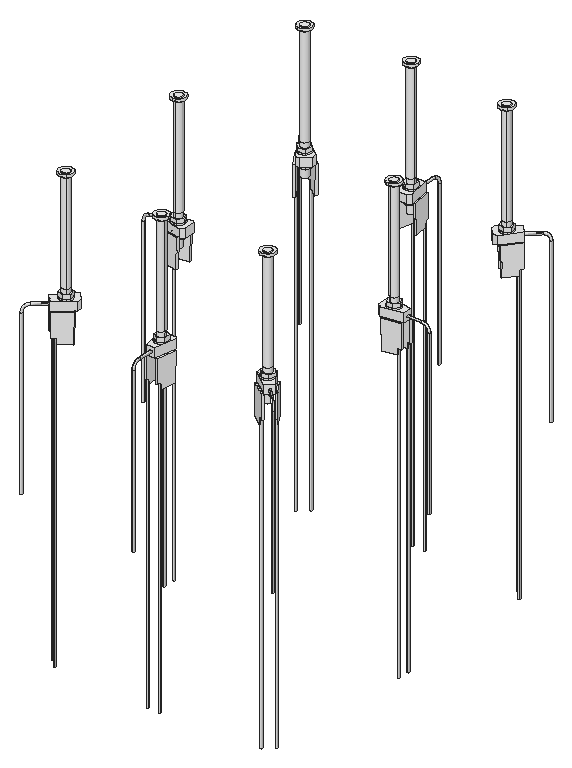
Revit family "911cab620a644c4c96580c4f6d6eb020", category Structural Connections, host Face, Revit 2021
Family settings
  Host = Face
  Material for Model Behavior = Other
  Enable cutting in views = No
  Cut with Voids When Loaded = No
  Shared = Yes
Parameters (values of type "HCC 39-1450H")
  l = 2' - 11.43307"
  h [instance] = 4' - 11.05512"
  f = 0' - 6.49606"
  a = 0' - 1.9685"
  X = 0' - 1.45669"
  Type Comments = "Mountingpart"
  T = 0' - 1.77165"
  Phi = 0' - 2.16535"
  L [instance] = 4' - 11.05512"
  K = 0' - 7.67717"
  E = 0' - 2.3622"
  Default Elevation = 0' - 0"
  b [instance] = 3' - 3.37008"
  D = 0' - 9.64567"
  Column Shoe Type = Column Shoe and Anchor Bolt : HCC 39-1450H
  Column Shoe Material [instance] = Metal - Steel - S235
  C = 0' - 6.1811"
Types (10): name | l | f | a | X | T | Phi | K | D | Column Shoe Type | C
  HCC M52-2290S | 4' - 9.08661" | 0' - 9.44882" | 0' - 2.75591" | 0' - 1.37795" | 0' - 2.75591" | 0' - 2.75591" | 0' - 11.02362" | 1' - 2.40945" | Column Shoe and Anchor Bolt : HCC M52-2290S | 0' - 9.13386"
  HCC M45-2070S | 4' - 9.48031" | 0' - 7.67717" | 0' - 2.55906" | 0' - 1.45669" | 0' - 2.3622" | 0' - 2.55906" | 0' - 9.68504" | 1' - 0.48031" | Column Shoe and Anchor Bolt : HCC M45-2070S | 0' - 8.14961"
  HCC M39-1650S | 3' - 3.37008" | 0' - 7.28346" | 0' - 2.16535" | 0' - 1.45669" | 0' - 2.16535" | 0' - 2.16535" | 0' - 8.22835" | 0' - 10.51181" | Column Shoe and Anchor Bolt : HCC M39-1650S | 0' - 6.77165"
  HCC M36-1650S | 3' - 3.37008" | 0' - 6.49606" | 0' - 2.16535" | 0' - 1.45669" | 0' - 1.9685" | 0' - 2.16535" | 0' - 7.67717" | 0' - 9.64567" | Column Shoe and Anchor Bolt : HCC M36-1650S | 0' - 6.1811"
  HCC M52-2290H | 4' - 9.08661" | 0' - 9.44882" | 0' - 2.75591" | 0' - 1.37795" | 0' - 2.75591" | 0' - 2.75591" | 0' - 11.02362" | 1' - 2.40945" | Column Shoe and Anchor Bolt : HCC M52-2290H | 0' - 9.13386"
  HCC M45-2070H | 4' - 9.48031" | 0' - 7.67717" | 0' - 2.55906" | 0' - 1.45669" | 0' - 2.3622" | 0' - 2.55906" | 0' - 9.68504" | 1' - 0.48031" | Column Shoe and Anchor Bolt : HCC M45-2070H | 0' - 8.14961"
  HCC M39-1650H | 3' - 3.37008" | 0' - 7.28346" | 0' - 2.16535" | 0' - 1.45669" | 0' - 2.16535" | 0' - 2.16535" | 0' - 8.22835" | 0' - 10.51181" | Column Shoe and Anchor Bolt : HCC M39-1650H | 0' - 6.77165"
  HCC M36-1650H | 3' - 3.37008" | 0' - 6.49606" | 0' - 2.16535" | 0' - 1.45669" | 0' - 1.9685" | 0' - 2.16535" | 0' - 7.67717" | 0' - 9.64567" | Column Shoe and Anchor Bolt : HCC M36-1650H | 0' - 6.1811"
  HCC 39-1450S | 2' - 11.43307" | 0' - 6.49606" | 0' - 1.9685" | 0' - 1.45669" | 0' - 1.77165" | 0' - 2.16535" | 0' - 7.67717" | 0' - 9.64567" | Column Shoe and Anchor Bolt : HCC 39-1450S | 0' - 6.1811"
  HCC 39-1450H | 2' - 11.43307" | 0' - 6.49606" | 0' - 1.9685" | 0' - 1.45669" | 0' - 1.77165" | 0' - 2.16535" | 0' - 7.67717" | 0' - 9.64567" | Column Shoe and Anchor Bolt : HCC 39-1450H | 0' - 6.1811"
Reference planes (in)
  plane 1 "Center (Front/Back)": y = 0
  plane 2: z = 0
  plane 3 "Center (Left/Right)": x = 0
  plane 4: x = -19.68504
  plane 5: x = 19.68504
  plane 6: y = 29.52756
  plane 7: y = -29.52756
  plane 8: y = 28.07087
  plane 9: y = -28.07087
  plane 10: x = -18.22835
  plane 11: x = 18.22835
  plane 12: y = 9.84252
  plane 13: y = -9.84252
Lines and regions (in)
  reference lines
    curve 1: line (-19.68504, -29.52756, 0) -> (19.68504, 9.84252, 0)
    curve 2: line (19.68504, -29.52756, 0) -> (-19.68504, 9.84252, 0)
    curve 3: line (-19.68504, 29.52756, 0) -> (19.68504, -9.84252, 0)
    curve 4: line (19.68504, 29.52756, 0) -> (-19.68504, -9.84252, 0)
    curve 5: line (-19.68504, -28.07087, 0) -> (-18.22835, -29.52756, 0)
    curve 6: line (19.68504, -28.07087, 0) -> (18.22835, -29.52756, 0)
    curve 7: line (-19.68504, 28.07087, 0) -> (-18.22835, 29.52756, 0)
    curve 8: line (19.68504, 28.07087, 0) -> (18.22835, 29.52756, 0)
Dimensions and locks (in)
  equal spacing: plane 4, plane 3 "Center (Left/Right)", plane 5
  "b": plane 4 to plane 5
  equal spacing: plane 6, plane 1 "Center (Front/Back)", plane 7
  "h": plane 6 to plane 7
  "X": plane 6 to plane 8
  "X": plane 7 to plane 9
  "X": plane 4 to plane 10
  "X": plane 5 to plane 11
  "b": plane 12 to plane 7
  "b": plane 13 to plane 6
  aligned and locked: plane 2 to host face
  aligned and locked: level to host face
  aligned and locked: plane 3 "Center (Left/Right)" to nested 1
  aligned: plane 6 to nested 1
  aligned and locked: nested 3 to plane 3 "Center (Left/Right)"
  aligned: nested 3 to plane 7
  aligned and locked: plane 1 "Center (Front/Back)" to nested 5
  aligned: plane 5 to nested 5
  aligned and locked: nested 7 to plane 1 "Center (Front/Back)"
  aligned: nested 7 to plane 4
  aligned: nested 9 to plane 4
  aligned: plane 6 to nested 9  (x2)
  aligned: plane 6 to nested 11  (x2)
  aligned: nested 11 to plane 5
  aligned: nested 13 to plane 4
  aligned: plane 7 to nested 13
  aligned: plane 7 to nested 15
  aligned: nested 15 to plane 5
  aligned and locked: curve 1 to plane 12
  aligned and locked: plane 5 to curve 1
  aligned and locked: curve 1 to plane 7
  aligned and locked: curve 1 to plane 4
  aligned and locked: plane 5 to curve 2
  aligned and locked: plane 7 to curve 2
  aligned and locked: plane 12 to curve 2
  aligned and locked: plane 4 to curve 2
  aligned and locked: curve 4 to plane 6
  aligned and locked: curve 4 to plane 5
  aligned and locked: plane 6 to curve 3
  aligned and locked: plane 4 to curve 3
  aligned and locked: curve 4 to plane 13
  aligned and locked: plane 4 to curve 4
  aligned and locked: plane 5 to curve 3
  aligned and locked: plane 13 to curve 3
  aligned and locked: curve 5 to plane 4
  aligned and locked: curve 5 to plane 9
  aligned and locked: curve 5 to plane 7
  aligned and locked: curve 5 to plane 10
  aligned and locked: plane 9 to curve 6
  aligned and locked: plane 7 to curve 6
  aligned and locked: plane 11 to curve 6
  aligned and locked: plane 5 to curve 6
  aligned and locked: plane 4 to curve 7
  aligned and locked: plane 8 to curve 7
  aligned and locked: plane 6 to curve 7
  aligned and locked: plane 10 to curve 7
  aligned and locked: curve 8 to plane 6
  aligned and locked: curve 8 to plane 11
  aligned and locked: curve 8 to plane 8
  aligned and locked: curve 8 to plane 5
  aligned and locked: nested 9 to curve 3
  aligned: nested 9 to curve 7  (x3)
  aligned: nested 11 to curve 8  (x3)
  aligned and locked: nested 11 to curve 4
  aligned and locked: nested 13 to curve 1
  aligned: nested 13 to curve 5  (x3)
  aligned: nested 15 to curve 6  (x3)
  aligned and locked: nested 15 to curve 2
  aligned and locked: nested 13 to curve 5
  aligned and locked: nested 15 to curve 6
  aligned and locked: nested 11 to curve 8
  aligned and locked: nested 9 to curve 7
  aligned and locked: plane 6 to nested 1
  aligned and locked: nested 3 to plane 7
  aligned and locked: nested 7 to plane 4
  aligned and locked: plane 5 to nested 5
Automatic sketch dimensions
  host sketch curve to host sketch curve = 8' - 0"  (x2)
Nested families (in)
  nested 1: "Column Shoe and Anchor Bolt" at (0, 38.97638, 0) x (1, 0, 0) z (0, 0, -1), L <- "L", type <- "Column Shoe Type", type "HCC 39-1450H"
    with L 4' - 11.05512", Column Shoe Material Metal - Steel - S235, Phi 0' - 2.16535", Semi Phi 0' - 1.08268", y2 0' - 4.3707", y1 0' - 0.64029", x3 0' - 1.79539", x2 0' - 3.34066", x1 0' - 2.06007", f 0' - 6.49606", X 0' - 1.45669", l 2' - 11.43307", k1 0' - 7.40967", d 0' - 9.44882", T 0' - 1.77165", Real K 0' - 7.60652", e1 0' - 2.31062", K 0' - 7.67717", E 0' - 2.3622", D 0' - 9.64567", C 0' - 6.1811", B2 0' - 4.72441", B 0' - 5.90551"
  nested 2: "HAB" at (0, 31.83818, -1.77165) x (1, 0, 0) z (0, 0, -1), type "HAB H39"
    with Anchor Bolt Material Metal - Steel - S235, l2 1' - 9.06299", l 2' - 3.55906", f1 0' - 2.75591", f 0' - 6.49606", r3 0' - 0.76772", r1 0' - 0.7874", d3 0' - 1.53543", d1 0' - 1.5748", Washers Radius 0' - 1.29921", T 0' - 1.77165", Phi 0' - 2.16535", Nut Width 0' - 2.2503", Cap Radius 0' - 1.41732"
  nested 3: "Column Shoe and Anchor Bolt" at (0, -38.97638, 0) x (1, 0, 0) z (0, 0, -1), L <- "L", type <- "Column Shoe Type", type "HCC 39-1450H"
    with L 4' - 11.05512", Column Shoe Material Metal - Steel - S235, Phi 0' - 2.16535", Semi Phi 0' - 1.08268", y2 0' - 4.3707", y1 0' - 0.64029", x3 0' - 1.79539", x2 0' - 3.34066", x1 0' - 2.06007", f 0' - 6.49606", X 0' - 1.45669", l 2' - 11.43307", k1 0' - 7.40967", d 0' - 9.44882", T 0' - 1.77165", Real K 0' - 7.60652", e1 0' - 2.31062", K 0' - 7.67717", E 0' - 2.3622", D 0' - 9.64567", C 0' - 6.1811", B2 0' - 4.72441", B 0' - 5.90551"
  nested 4: "HAB" at (0, -31.83818, -1.77165) x (1, 0, 0) z (0, 0, -1), type "HAB H39"
    with Anchor Bolt Material Metal - Steel - S235, l2 1' - 9.06299", l 2' - 3.55906", f1 0' - 2.75591", f 0' - 6.49606", r3 0' - 0.76772", r1 0' - 0.7874", d3 0' - 1.53543", d1 0' - 1.5748", Washers Radius 0' - 1.29921", T 0' - 1.77165", Phi 0' - 2.16535", Nut Width 0' - 2.2503", Cap Radius 0' - 1.41732"
  nested 5: "Column Shoe and Anchor Bolt" at (29.13386, 0, 0) x (0, 1, 0) z (0, 0, -1), L <- "L", type <- "Column Shoe Type", type "HCC 39-1450H"
    with L 4' - 11.05512", Column Shoe Material Metal - Steel - S235, Phi 0' - 2.16535", Semi Phi 0' - 1.08268", y2 0' - 4.3707", y1 0' - 0.64029", x3 0' - 1.79539", x2 0' - 3.34066", x1 0' - 2.06007", f 0' - 6.49606", X 0' - 1.45669", l 2' - 11.43307", k1 0' - 7.40967", d 0' - 9.44882", T 0' - 1.77165", Real K 0' - 7.60652", e1 0' - 2.31062", K 0' - 7.67717", E 0' - 2.3622", D 0' - 9.64567", C 0' - 6.1811", B2 0' - 4.72441", B 0' - 5.90551"
  nested 6: "HAB" at (21.99566, 0, -1.77165) x (0, 1, 0) z (0, 0, -1), type "HAB H39"
    with Anchor Bolt Material Metal - Steel - S235, l2 1' - 9.06299", l 2' - 3.55906", f1 0' - 2.75591", f 0' - 6.49606", r3 0' - 0.76772", r1 0' - 0.7874", d3 0' - 1.53543", d1 0' - 1.5748", Washers Radius 0' - 1.29921", T 0' - 1.77165", Phi 0' - 2.16535", Nut Width 0' - 2.2503", Cap Radius 0' - 1.41732"
  nested 7: "Column Shoe and Anchor Bolt" at (-29.13386, 0, 0) x (0, 1, 0) z (0, 0, -1), L <- "L", type <- "Column Shoe Type", type "HCC 39-1450H"
    with L 4' - 11.05512", Column Shoe Material Metal - Steel - S235, Phi 0' - 2.16535", Semi Phi 0' - 1.08268", y2 0' - 4.3707", y1 0' - 0.64029", x3 0' - 1.79539", x2 0' - 3.34066", x1 0' - 2.06007", f 0' - 6.49606", X 0' - 1.45669", l 2' - 11.43307", k1 0' - 7.40967", d 0' - 9.44882", T 0' - 1.77165", Real K 0' - 7.60652", e1 0' - 2.31062", K 0' - 7.67717", E 0' - 2.3622", D 0' - 9.64567", C 0' - 6.1811", B2 0' - 4.72441", B 0' - 5.90551"
  nested 8: "HAB" at (-21.99566, 0, -1.77165) x (0, 1, 0) z (0, 0, -1), type "HAB H39"
    with Anchor Bolt Material Metal - Steel - S235, l2 1' - 9.06299", l 2' - 3.55906", f1 0' - 2.75591", f 0' - 6.49606", r3 0' - 0.76772", r1 0' - 0.7874", d3 0' - 1.53543", d1 0' - 1.5748", Washers Radius 0' - 1.29921", T 0' - 1.77165", Phi 0' - 2.16535", Nut Width 0' - 2.2503", Cap Radius 0' - 1.41732"
  nested 9: "Column Shoe and Anchor Bolt" at (-25.63802, 35.48054, 0) x (0.7071, 0.7071, 0) z (0, 0, -1), L <- "L", type <- "Column Shoe Type", type "HCC 39-1450H"
    with L 4' - 11.05512", Column Shoe Material Metal - Steel - S235, Phi 0' - 2.16535", Semi Phi 0' - 1.08268", y2 0' - 4.3707", y1 0' - 0.64029", x3 0' - 1.79539", x2 0' - 3.34066", x1 0' - 2.06007", f 0' - 6.49606", X 0' - 1.45669", l 2' - 11.43307", k1 0' - 7.40967", d 0' - 9.44882", T 0' - 1.77165", Real K 0' - 7.60652", e1 0' - 2.31062", K 0' - 7.67717", E 0' - 2.3622", D 0' - 9.64567", C 0' - 6.1811", B2 0' - 4.72441", B 0' - 5.90551"
  nested 10: "HAB" at (-20.59055, 30.43307, -1.77165) x (0.7071, 0.7071, 0) z (0, 0, -1), type "HAB H39"
    with Anchor Bolt Material Metal - Steel - S235, l2 1' - 9.06299", l 2' - 3.55906", f1 0' - 2.75591", f 0' - 6.49606", r3 0' - 0.76772", r1 0' - 0.7874", d3 0' - 1.53543", d1 0' - 1.5748", Washers Radius 0' - 1.29921", T 0' - 1.77165", Phi 0' - 2.16535", Nut Width 0' - 2.2503", Cap Radius 0' - 1.41732"
  nested 11: "Column Shoe and Anchor Bolt" at (25.63802, 35.48054, 0) x (-0.7071, 0.7071, 0) z (0, 0, -1), L <- "L", type <- "Column Shoe Type", type "HCC 39-1450H"
    with L 4' - 11.05512", Column Shoe Material Metal - Steel - S235, Phi 0' - 2.16535", Semi Phi 0' - 1.08268", y2 0' - 4.3707", y1 0' - 0.64029", x3 0' - 1.79539", x2 0' - 3.34066", x1 0' - 2.06007", f 0' - 6.49606", X 0' - 1.45669", l 2' - 11.43307", k1 0' - 7.40967", d 0' - 9.44882", T 0' - 1.77165", Real K 0' - 7.60652", e1 0' - 2.31062", K 0' - 7.67717", E 0' - 2.3622", D 0' - 9.64567", C 0' - 6.1811", B2 0' - 4.72441", B 0' - 5.90551"
  nested 12: "HAB" at (20.59055, 30.43307, -1.77165) x (-0.7071, 0.7071, 0) z (0, 0, -1), type "HAB H39"
    with Anchor Bolt Material Metal - Steel - S235, l2 1' - 9.06299", l 2' - 3.55906", f1 0' - 2.75591", f 0' - 6.49606", r3 0' - 0.76772", r1 0' - 0.7874", d3 0' - 1.53543", d1 0' - 1.5748", Washers Radius 0' - 1.29921", T 0' - 1.77165", Phi 0' - 2.16535", Nut Width 0' - 2.2503", Cap Radius 0' - 1.41732"
  nested 13: "Column Shoe and Anchor Bolt" at (-25.63802, -35.48054, 0) x (0.7071, -0.7071, 0) z (0, 0, -1), L <- "L", type <- "Column Shoe Type", type "HCC 39-1450H"
    with L 4' - 11.05512", Column Shoe Material Metal - Steel - S235, Phi 0' - 2.16535", Semi Phi 0' - 1.08268", y2 0' - 4.3707", y1 0' - 0.64029", x3 0' - 1.79539", x2 0' - 3.34066", x1 0' - 2.06007", f 0' - 6.49606", X 0' - 1.45669", l 2' - 11.43307", k1 0' - 7.40967", d 0' - 9.44882", T 0' - 1.77165", Real K 0' - 7.60652", e1 0' - 2.31062", K 0' - 7.67717", E 0' - 2.3622", D 0' - 9.64567", C 0' - 6.1811", B2 0' - 4.72441", B 0' - 5.90551"
  nested 14: "HAB" at (-20.59055, -30.43307, -1.77165) x (0.7071, -0.7071, 0) z (0, 0, -1), type "HAB H39"
    with Anchor Bolt Material Metal - Steel - S235, l2 1' - 9.06299", l 2' - 3.55906", f1 0' - 2.75591", f 0' - 6.49606", r3 0' - 0.76772", r1 0' - 0.7874", d3 0' - 1.53543", d1 0' - 1.5748", Washers Radius 0' - 1.29921", T 0' - 1.77165", Phi 0' - 2.16535", Nut Width 0' - 2.2503", Cap Radius 0' - 1.41732"
  nested 15: "Column Shoe and Anchor Bolt" at (25.63802, -35.48054, 0) x (-0.7071, -0.7071, 0) z (0, 0, -1), L <- "L", type <- "Column Shoe Type", type "HCC 39-1450H"
    with L 4' - 11.05512", Column Shoe Material Metal - Steel - S235, Phi 0' - 2.16535", Semi Phi 0' - 1.08268", y2 0' - 4.3707", y1 0' - 0.64029", x3 0' - 1.79539", x2 0' - 3.34066", x1 0' - 2.06007", f 0' - 6.49606", X 0' - 1.45669", l 2' - 11.43307", k1 0' - 7.40967", d 0' - 9.44882", T 0' - 1.77165", Real K 0' - 7.60652", e1 0' - 2.31062", K 0' - 7.67717", E 0' - 2.3622", D 0' - 9.64567", C 0' - 6.1811", B2 0' - 4.72441", B 0' - 5.90551"
  nested 16: "HAB" at (20.59055, -30.43307, -1.77165) x (-0.7071, -0.7071, 0) z (0, 0, -1), type "HAB H39"
    with Anchor Bolt Material Metal - Steel - S235, l2 1' - 9.06299", l 2' - 3.55906", f1 0' - 2.75591", f 0' - 6.49606", r3 0' - 0.76772", r1 0' - 0.7874", d3 0' - 1.53543", d1 0' - 1.5748", Washers Radius 0' - 1.29921", T 0' - 1.77165", Phi 0' - 2.16535", Nut Width 0' - 2.2503", Cap Radius 0' - 1.41732"
Definition of nested family "Column Shoe and Anchor Bolt"
  Parameters
    Type Comments = "Mountingpart"
    Phi = 0' - 1.06299"
    Semi Phi = 0.5 * Phi  # 0' - 0.5315"
    y2 = C * sin(45.00°)  # 0' - 2.44982"
    y1 = (E - X) * sin(45.00°)  # 0' - 0.55678"
    x3 = E * (2 * sin(45.00°) - C / d)  # 0' - 1.46153"
    x2 = 2 * E * sin(45.00°)  # 0' - 2.78388"
    x1 = 2 * X * sin(45.00°)  # 0' - 1.67033"
    t1 = 0' - 0.3937"
    f = 0' - 4.13386"
    a = 0' - 1.9685"
    X = 0' - 1.1811"
    l = 0' - 11.81102"
    k1 = d * sin(45.00°) + 0.5 * X  # 0' - 4.23744"
    d = D - R1  # 0' - 5.15748"
    T = 0' - 0.59055"
    O3 = 0' - 0.59055"
    O4 = 0' - 0.7874"
    O2 = 0' - 0.19685"
    O1 = 0' - 0.3937"
    L [instance] = 4' - 11.05512"
    Real K = R1 + k1  # 0' - 4.43429"
    e1 = (2 * E - X) * sin(45.00°)  # 0' - 1.94872"
    K = 0' - 4.40945"
    E = 0' - 1.9685"
    Default Elevation = 0' - 0"
    Semi dbr = 7 * R2  # 0' - 1.37795"
    D = 0' - 5.35433"
    Column Shoe Material [instance] = none
    C = 0' - 3.46457"
    R2 = 0' - 0.19685"
    R1 = 0' - 0.19685"
    Bolt Type = HAB : HAB H16
    B2 = B - 0' 1.1811"  # 0' - 2.16535"
    B = 0' - 3.34646"
  Reference planes (in)
    plane 1 "Center (Front/Back)": y = 0
    plane 2: z = 0
    plane 3 "Center (Left/Right)": x = 0
    plane 4: z = 0.59055
    plane 5: z = 0.29528
    plane 6: z = 11.81102
    plane 7: z = 3.93701
    plane 8: z = 2.75591
    plane 9: y = 5.15748
    plane 10: x = -1.39194
    plane 11: x = 1.39194
    plane 12: y = 4.6007
    plane 13: y = 2.15088
    plane 14: x = -0.83517
    plane 15: x = 0.83517
    plane 16: x = -0.73077
    plane 17: x = 0.73077
    plane 18: y = 3.20876
    plane 19: y = 2.93829
    plane 20: z = 62.99213
  Forms (in)
    Extrusion 1, solid
      sketch origin (0, 0, 0) x (1, 0, 0) y (0, 1, 0)
        loop
          line (-48, 48) -> (-48, -48) -> (48, -48) -> (48, 48) -> (-48, 48)
      from 0 to -12
    Sweep 2, solid, material <- "Column Shoe Material"
      path in 3D
        loop
          line (0, 0, 11.81102) -> (0, 0, 1.67323)
          arc (0, 0, 1.67323) -> (0, 0.40359, 0.69887) -> (0, 1.37795, 0.29528) r 1.37795
          line (0, 1.37795, 0.29528) -> (0, 2.81506, 0.29528)
      profile origin (0, 0.40359, 0.69887) x (0, 0.707107, 0.707107) y (1, 0, 0)
        loop
          circle (0, 0) r 0.19685
    Extrusion 3, void
      sketch origin (-0.03635, 4.65317, 0) x (1, 0, 0) y (0, 1, 0)
        loop
          circle (0.03635, -1.44441) r 0.5315
      from 0 to 3.93701
    Blend 4, solid, material <- "Column Shoe Material"
      base sketch origin (-0.18342, 0.17505, 0) x (-1, 0, 0) y (0, -1, 0)
        loop
          line (-1.47277, -4.04555) -> (-0.96547, -2.16589) -> (-1.34557, -2.0633) -> (-1.85287, -3.94297) -> (-1.47277, -4.04555)
      top sketch origin (-0.18342, 0.17505, 0) x (-1, 0, 0) y (0, -1, 0)
        loop
          line (-1.42148, -3.8555) -> (-0.96547, -2.16589) -> (-1.34557, -2.0633) -> (-1.80158, -3.75292) -> (-1.42148, -3.8555)
      from 0.59055 to 3.93701
    Extrusion 5, solid, material <- "Column Shoe Material"
      sketch origin (1.96539, -0.28862, 0) x (1, 0, 0) y (0, 1, 0)
        loop
          circle (-3.11256, 3.22691) r 0.19685
        loop
          circle (-0.81822, 3.22691) r 0.19685
      from 2.75591 to 62.99213
    Extrusion 6, void
      sketch origin (0, -1.92772, 0) x (0, -1, 0) y (0, 0, 1)
        loop
          line (-4.07861, 3.93701) -> (-4.86601, 3.93701) -> (-4.86601, 2.75591) -> (-4.07861, 2.75591) -> (-4.07861, 3.93701)
      from -1.39194 to 1.39194
    Extrusion 7, solid, material <- "Column Shoe Material"
      sketch origin (0, 0, 0) x (1, 0, 0) y (0, 1, 0)
        loop
          line (0.83517, 5.15748) -> (-0.83517, 5.15748) -> (-1.39194, 4.6007) -> (-0.73077, 2.15088) -> (0.73077, 2.15088) -> (1.39194, 4.6007) -> (0.83517, 5.15748)
        loop
          circle (0, 3.20876) r 0.5315
      from 0 to 0.59055
    Blend 8, solid, material <- "Column Shoe Material"
      base sketch origin (0.18342, 0.17505, 0) x (1, 0, 0) y (0, 1, 0)
        loop
          line (-1.47277, 4.04555) -> (-1.85287, 3.94297) -> (-1.34557, 2.0633) -> (-0.96547, 2.16589) -> (-1.47277, 4.04555)
      top sketch origin (0.18342, 0.17505, 0) x (1, 0, 0) y (0, 1, 0)
        loop
          line (-1.42148, 3.8555) -> (-1.80158, 3.75292) -> (-1.34557, 2.0633) -> (-0.96547, 2.16589) -> (-1.42148, 3.8555)
      from 0.59055 to 3.93701
  Cuts and joins
    Extrusion 3, Extrusion 6 cuts Sweep 2
    joined: Sweep 2, Extrusion 7
    Extrusion 6 cuts Blend 4
    Extrusion 6 cuts Blend 8
  Lines and regions (in)
    reference lines
      curve 1: line (0, 3.24836, 0.29528) -> (0, 1.37795, 0.29528)
      curve 2: line (0, 0, 1.67323) -> (0, 0, 11.81102)
      curve 3: arc (0, 0, 1.67323) -> (0, 0.40359, 0.69887) -> (0, 1.37795, 0.29528) r 1.37795
      curve 7: line (0.73077, 2.15088, 0) -> (1.39194, 4.6007, 0)
      curve 8: line (-0.73077, 2.15088, 0) -> (-1.39194, 4.6007, 0)
    sketch lines
      curve 4: arc (0, 0, 1.67323) -> (0, 0.40359, 0.69887) -> (0, 1.37795, 0.29528) r 1.37795
      curve 5: line (0, 2.81506, 0.29528) -> (0, 1.37795, 0.29528)
      curve 6: line (0, 0, 1.67323) -> (0, 0, 11.81102)
  Dimensions and locks (in)
    "T": plane 4 to level
    "l": plane 6 to plane 2
    equal spacing: plane 4, plane 5, plane 2
    "B": plane 7 to plane 4
    "B2": plane 4 to plane 8
    equal spacing: plane 16, plane 3 "Center (Left/Right)", plane 17
    equal spacing: plane 14, plane 3 "Center (Left/Right)", plane 15
    equal spacing: plane 10, plane 3 "Center (Left/Right)", plane 11
    "x2": plane 10 to plane 11
    "x1": plane 14 to plane 15
    "x3": plane 16 to plane 17
    "y1": plane 9 to plane 12
    "y2": plane 12 to plane 13
    "d": plane 9 to plane 1 "Center (Front/Back)"
    "e1": plane 9 to plane 18
    "t1": Blend 4 sketch curve to Blend 4 sketch curve  (x2)
    "O2": Extrusion 7 to Blend 4 sketch curve
    "O1": Blend 4 sketch curve to curve 7
    "O2": curve 7 to Blend 4 sketch curve
    "O4": plane 13 to plane 19
    equal spacing: cut or joined group of Blend 4, Extrusion 6, Extrusion 5 sketch curve, Extrusion 7
    "O3": Blend 4 sketch curve to curve 7
    "t1": Blend 8 sketch curve to Blend 8 sketch curve  (x2)
    "O1": curve 8 to Blend 8 sketch curve
    "O2": Blend 8 sketch curve to curve 8  (x2)
    "O3": curve 8 to Blend 8 sketch curve
    equal spacing: Blend 8, Extrusion 5 sketch curve, Blend 8
    "L": plane 20 to plane 7
    "Semi dbr": radius of curve 3
    "R1": radius of Sweep 2 sketch curve
    "R2": radius of Extrusion 5 sketch curve  (x2)
    "Semi Phi": radius of Extrusion 7 sketch curve
    locked: Extrusion 7 to Blend 4 sketch curve (angle 90.00°)
    aligned and locked: plane 2 to Extrusion 1
    aligned and locked: level to Extrusion 1
    aligned and locked: curve 1 to plane 5
    aligned and locked: plane 1 "Center (Front/Back)" to curve 2
    aligned and locked: plane 6 to curve 2
    aligned and locked: Extrusion 3 to Extrusion 1
    aligned and locked: Blend 4 to plane 4
    aligned and locked: plane 8 to Extrusion 5
    aligned and locked: Extrusion 6 sketch curve to Blend 4
    aligned and locked: Extrusion 3 sketch curve to Extrusion 7
    aligned and locked: plane 4 to Extrusion 7
    aligned and locked: Extrusion 7 sketch curve to plane 9
    aligned and locked: plane 3 "Center (Left/Right)" to Extrusion 7 sketch curve
    aligned and locked: plane 12 to Extrusion 7 sketch curve  (x2)
    aligned and locked: plane 18 to Extrusion 7 sketch curve
    aligned and locked: plane 15 to Extrusion 7 sketch curve
    aligned and locked: plane 9 to Extrusion 7 sketch curve
    aligned and locked: plane 13 to Extrusion 7 sketch curve
    aligned and locked: plane 17 to Extrusion 7 sketch curve
    aligned and locked: plane 14 to Extrusion 7 sketch curve
    aligned and locked: plane 10 to Extrusion 7 sketch curve
    aligned and locked: plane 16 to Extrusion 7 sketch curve
    aligned and locked: plane 12 to curve 7
    aligned and locked: plane 11 to curve 7
    aligned and locked: plane 17 to curve 7
    aligned and locked: plane 13 to curve 7
    aligned and locked: plane 12 to curve 8
    aligned and locked: plane 10 to curve 8
    aligned and locked: plane 16 to curve 8
    aligned and locked: plane 13 to curve 8
    aligned and locked: Blend 4 sketch curve to curve 7
    aligned and locked: var sketch to Blend 4 sketch curve
    aligned and locked: plane 19 to Extrusion 5 sketch curve  (x2)
    aligned and locked: var sketch to Blend 8 sketch curve
    aligned and locked: Extrusion 7 to Blend 8 sketch curve
    aligned and locked: Extrusion 6 to plane 19
    aligned and locked: Extrusion 6 to Extrusion 7
    aligned and locked: plane 7 to Extrusion 3
    aligned and locked: plane 7 to Blend 4
    aligned and locked: plane 7 to Blend 8
    aligned and locked: Blend 8 to plane 4
    aligned and locked: plane 20 to Extrusion 5
    aligned and locked: Extrusion 6 to plane 11
    aligned and locked: Extrusion 6 to plane 10
    aligned and locked: plane 3 "Center (Left/Right)" to nested 1
    aligned and locked: nested 1 to plane 18
  Automatic sketch dimensions
    Extrusion 1 sketch curve to Extrusion 1 sketch curve = 8' - 0"  (x2)
    plane 18 to curve 1 = 0' - 0.03959"
    Sweep 2 sketch curve to profile plane = 0' - 0"  (x2)
    plane 8 to Extrusion 6 sketch curve = 0' - 0"
    Extrusion 6 sketch curve to plane 13 = 0' - 0.7874"
    Extrusion 6 sketch curve to plane 1 "Center (Front/Back)" = 0' - 2.15088"
    Extrusion 7 sketch curve to plane 11 = 0' - 0"
  Nested families (in)
    nested 1: "HAB" at (0, 3.20876, 0.59055), type <- "Bolt Type", type "HAB H16"
      with Anchor Bolt Material none, l2 0' - 6.88976", l 0' - 11.02362", f1 0' - 1.5748", f 0' - 4.13386", r3 0' - 0.31496", r1 0' - 0.31496", d3 0' - 0.62992", d1 0' - 0.62992", Washers Radius 0' - 0.6378", T 0' - 0.59055", Phi 0' - 1.06299", Nut Width 0' - 1.10469", Cap Radius 0' - 0.56693"
  Definition of nested family "HAB"
    Parameters
      l2 = 0' - 9.25197"
      l = 1' - 1.77953"
      f1 = f - a - T  # 0' - 1.77165"
      f = 0' - 4.52756"
      r3 = 0.5 * d3  # 0' - 0.3937"
      r1 = 0.5 * d1  # 0' - 0.3937"
      d3 = 0' - 0.7874"
      d1 = 0' - 0.7874"
      a = 0' - 1.9685"
      Washers Thickness = 0' - 0.19685"
      Washers Radius = 0.5 * Phi * 1.2  # 0' - 0.70866"
      Type Comments = "Mountingpart"
      T = 0' - 0.7874"
      Phi = 0' - 1.1811"
      Nut Width = 2 * Washers Radius * cos(30.00°)  # 0' - 1.22744"
      Nut Thickness = 0' - 0.7874"
      Cap = yes
      Anchor Bolt Material [instance] = none
      Default Elevation = 0' - 0"
      Cap Thickness = Nut Thickness  # 0' - 0.7874"
      Cap Radius = d1 * 0.9  # 0' - 0.70866"
    Reference planes (in)
      plane 1 "Center (Front/Back)": y = 0
      plane 2: z = 0
      plane 3 "Center (Left/Right)": x = 0
      plane 4: z = 0.19685
      plane 5: z = -0.7874
      plane 6: z = -0.98425
      plane 7: z = 0.98425
      plane 8: z = -1.77165
      plane 9: y = 0.35433
      plane 10: y = -0.35433
      plane 11: y = 0.70866
      plane 12: y = -0.70866
      plane 13: z = 1.77165
      plane 14: z = -12.00787
      plane 15: z = -11.22047
      plane 16: z = -2.75591
      plane 17: z = -11.61417
      plane 18: x = -0.61372
      plane 19: x = 0.61372
    Forms (in)
      Extrusion 1, solid
        sketch origin (0, 0, 0) x (1, 0, 0) y (0, 1, 0)
          loop
            line (-48, 48) -> (-48, -48) -> (48, -48) -> (48, 48) -> (-48, 48)
        from 0 to -6.78513
      Extrusion 2, solid, material <- "Anchor Bolt Material"
        sketch origin (0, 0, 0) x (1, 0, 0) y (0, 1, 0)
          loop
            circle (0, 0) r 0.3937
        from -2.75591 to 1.77165
      Extrusion 3, solid, material <- "Anchor Bolt Material"
        sketch origin (0, 0, 0) x (1, 0, 0) y (0, 1, 0)
          loop
            circle (0, 0) r 0.70866
        from 0 to 0.19685
      Extrusion 4, solid, material <- "Anchor Bolt Material"
        sketch origin (0, 0, -14.37008) x (1, 0, 0) y (0, 1, 0)
          loop
            circle (0, 0) r 0.70866
        from 13.38583 to 13.58268
      Extrusion 5, solid, material <- "Anchor Bolt Material"
        sketch origin (0, 0, 0) x (1, 0, 0) y (0, 1, 0)
          loop
            line (0, 0.70866) -> (-0.61372, 0.35433) -> (-0.61372, -0.35433) -> (0, -0.70866) -> (0.61372, -0.35433) -> (0.61372, 0.35433) -> (0, 0.70866)
        from 0.19685 to 0.98425
      Extrusion 6, solid, material <- "Anchor Bolt Material"
        sketch origin (0, 0, -15.74803) x (1, 0, 0) y (0, 1, 0)
          loop
            line (-0.61372, 0.35433) -> (-0.61372, -0.35433) -> (0, -0.70866) -> (0.61372, -0.35433) -> (0.61372, 0.35433) -> (0, 0.70866) -> (-0.61372, 0.35433)
        from 13.97638 to 14.76378
      Extrusion 7, solid, material <- "Anchor Bolt Material"
        sketch origin (0, 0, -2.96548) x (1, 0, 0) y (0, 1, 0)
          loop
            circle (0, 0) r 0.3937
        from -9.04239 to 0.20957
      Blend 8, solid, material <- "Anchor Bolt Material", visible <- "Cap"
        base sketch origin (-1.67336, -180, -11.22047) x (-1, 0, 0) y (0, -1, 0)
          loop
            circle (-1.67336, -180) r 0.3937
        top sketch origin (-1.67336, -180, -11.22047) x (-1, 0, 0) y (0, -1, 0)
          loop
            circle (-1.67336, -180) r 0.70866
        from 0 to -0.3937
      Extrusion 9, solid, material <- "Anchor Bolt Material", visible <- "Cap"
        sketch origin (-1.41732, -180, -12.00787) x (-1, 0, 0) y (0, -1, 0)
          loop
            circle (-1.41732, -180) r 0.70866
        from 0 to 0.3937
    Cuts and joins
      joined: Extrusion 2, Extrusion 3, Extrusion 4, Extrusion 5, Extrusion 6, Extrusion 7
      joined: Blend 8, Extrusion 9
    Dimensions and locks (in)
      "T": plane 2 to plane 5
      "Washers Thickness": plane 5 to plane 6
      "Washers Thickness": plane 4 to level
      "Nut Thickness": plane 7 to plane 4
      "Nut Thickness": plane 6 to plane 8
      "Washers Radius": plane 1 "Center (Front/Back)" to plane 11
      "Washers Radius": plane 12 to plane 1 "Center (Front/Back)"
      equal spacing: plane 9, plane 1 "Center (Front/Back)", plane 10
      "Washers Radius": plane 9 to plane 10
      "l": plane 13 to plane 14
      "Cap Thickness": plane 15 to plane 14
      "l2": plane 16 to plane 14
      "f1": plane 13 to plane 2
      equal spacing: plane 15, plane 17, plane 14
      equal spacing: plane 18, plane 3 "Center (Left/Right)", plane 19
      "Nut Width": plane 18 to plane 19
      "r3": radius of Extrusion 2 sketch curve
      "Washers Radius": radius of Extrusion 3 sketch curve
      "Washers Radius": radius of Extrusion 4 sketch curve
      "r1": radius of Extrusion 7 sketch curve
      "r1": radius of Blend 8 sketch curve
      "Cap Radius": radius of Blend 8 sketch curve
      "Cap Radius": radius of Extrusion 9 sketch curve
      aligned and locked: plane 2 to Extrusion 1
      aligned and locked: level to Extrusion 1
      aligned and locked: plane 1 "Center (Front/Back)" to Extrusion 2 sketch curve
      aligned and locked: plane 3 "Center (Left/Right)" to Extrusion 2 sketch curve
      aligned and locked: plane 1 "Center (Front/Back)" to Extrusion 3 sketch curve
      aligned and locked: plane 3 "Center (Left/Right)" to Extrusion 3 sketch curve
      aligned and locked: plane 4 to Extrusion 3
      aligned and locked: Extrusion 3 to level
      aligned and locked: plane 5 to Extrusion 4
      aligned and locked: Extrusion 4 to plane 6
      aligned and locked: plane 1 "Center (Front/Back)" to Extrusion 4 sketch curve
      aligned and locked: plane 3 "Center (Left/Right)" to Extrusion 4 sketch curve
      aligned and locked: plane 7 to Extrusion 5
      aligned and locked: Extrusion 5 to plane 4
      aligned and locked: plane 11 to Extrusion 5 sketch curve
      aligned and locked: plane 3 "Center (Left/Right)" to Extrusion 5 sketch curve  (x2)
      aligned and locked: plane 12 to Extrusion 5 sketch curve
      aligned and locked: plane 10 to Extrusion 5 sketch curve  (x2)
      aligned and locked: plane 6 to Extrusion 6
      aligned and locked: Extrusion 6 to plane 8
      aligned and locked: plane 13 to Extrusion 2
      aligned: Extrusion 2 to plane 14
      aligned and locked: plane 10 to Extrusion 6 sketch curve  (x2)
      aligned and locked: Extrusion 2 to plane 16
      aligned: Extrusion 7 to plane 15
      aligned and locked: plane 1 "Center (Front/Back)" to Blend 8 sketch curve  (x2)
      aligned and locked: plane 3 "Center (Left/Right)" to Blend 8 sketch curve  (x2)
      aligned and locked: Blend 8 to plane 17
      aligned and locked: plane 15 to Blend 8
      aligned and locked: plane 1 "Center (Front/Back)" to Extrusion 9 sketch curve
      aligned and locked: plane 3 "Center (Left/Right)" to Extrusion 9 sketch curve
      aligned and locked: plane 17 to Extrusion 9
      aligned and locked: plane 18 to Extrusion 5 sketch curve
      aligned and locked: Extrusion 5 sketch curve to plane 19
      aligned and locked: plane 9 to Extrusion 5 sketch curve  (x2)
      aligned and locked: plane 19 to Extrusion 6 sketch curve
      aligned and locked: plane 18 to Extrusion 6 sketch curve
      aligned and locked: plane 9 to Extrusion 6 sketch curve  (x2)
      aligned and locked: plane 11 to Extrusion 6 sketch curve
      aligned and locked: plane 3 "Center (Left/Right)" to Extrusion 6 sketch curve  (x2)
      aligned and locked: plane 12 to Extrusion 6 sketch curve
      aligned and locked: Extrusion 7 to plane 14
      aligned and locked: plane 16 to Extrusion 7
    Automatic sketch dimensions
      Extrusion 1 sketch curve to Extrusion 1 sketch curve = 8' - 0"  (x2)
      plane 1 "Center (Front/Back)" to Extrusion 7 sketch curve = 0' - 0"
      Extrusion 7 sketch curve to plane 3 "Center (Left/Right)" = 0' - 0"
Definition of nested family "HAB"
  Parameters
    l2 = 0' - 9.25197"
    l = 1' - 1.77953"
    f1 = f - a - T  # 0' - 1.77165"
    f = 0' - 4.52756"
    r3 = 0.5 * d3  # 0' - 0.3937"
    r1 = 0.5 * d1  # 0' - 0.3937"
    d3 = 0' - 0.7874"
    d1 = 0' - 0.7874"
    a = 0' - 1.9685"
    Washers Thickness = 0' - 0.19685"
    Washers Radius = 0.5 * Phi * 1.2  # 0' - 0.70866"
    Type Comments = "Mountingpart"
    T = 0' - 0.7874"
    Phi = 0' - 1.1811"
    Nut Width = 2 * Washers Radius * cos(30.00°)  # 0' - 1.22744"
    Nut Thickness = 0' - 0.7874"
    Cap = yes
    Anchor Bolt Material [instance] = none
    Default Elevation = 0' - 0"
    Cap Thickness = Nut Thickness  # 0' - 0.7874"
    Cap Radius = d1 * 0.9  # 0' - 0.70866"
  Reference planes (in)
    plane 1 "Center (Front/Back)": y = 0
    plane 2: z = 0
    plane 3 "Center (Left/Right)": x = 0
    plane 4: z = 0.19685
    plane 5: z = -0.7874
    plane 6: z = -0.98425
    plane 7: z = 0.98425
    plane 8: z = -1.77165
    plane 9: y = 0.35433
    plane 10: y = -0.35433
    plane 11: y = 0.70866
    plane 12: y = -0.70866
    plane 13: z = 1.77165
    plane 14: z = -12.00787
    plane 15: z = -11.22047
    plane 16: z = -2.75591
    plane 17: z = -11.61417
    plane 18: x = -0.61372
    plane 19: x = 0.61372
  Forms (in)
    Extrusion 1, solid
      sketch origin (0, 0, 0) x (1, 0, 0) y (0, 1, 0)
        loop
          line (-48, 48) -> (-48, -48) -> (48, -48) -> (48, 48) -> (-48, 48)
      from 0 to -6.78513
    Extrusion 2, solid, material <- "Anchor Bolt Material"
      sketch origin (0, 0, 0) x (1, 0, 0) y (0, 1, 0)
        loop
          circle (0, 0) r 0.3937
      from -2.75591 to 1.77165
    Extrusion 3, solid, material <- "Anchor Bolt Material"
      sketch origin (0, 0, 0) x (1, 0, 0) y (0, 1, 0)
        loop
          circle (0, 0) r 0.70866
      from 0 to 0.19685
    Extrusion 4, solid, material <- "Anchor Bolt Material"
      sketch origin (0, 0, -14.37008) x (1, 0, 0) y (0, 1, 0)
        loop
          circle (0, 0) r 0.70866
      from 13.38583 to 13.58268
    Extrusion 5, solid, material <- "Anchor Bolt Material"
      sketch origin (0, 0, 0) x (1, 0, 0) y (0, 1, 0)
        loop
          line (0, 0.70866) -> (-0.61372, 0.35433) -> (-0.61372, -0.35433) -> (0, -0.70866) -> (0.61372, -0.35433) -> (0.61372, 0.35433) -> (0, 0.70866)
      from 0.19685 to 0.98425
    Extrusion 6, solid, material <- "Anchor Bolt Material"
      sketch origin (0, 0, -15.74803) x (1, 0, 0) y (0, 1, 0)
        loop
          line (-0.61372, 0.35433) -> (-0.61372, -0.35433) -> (0, -0.70866) -> (0.61372, -0.35433) -> (0.61372, 0.35433) -> (0, 0.70866) -> (-0.61372, 0.35433)
      from 13.97638 to 14.76378
    Extrusion 7, solid, material <- "Anchor Bolt Material"
      sketch origin (0, 0, -2.96548) x (1, 0, 0) y (0, 1, 0)
        loop
          circle (0, 0) r 0.3937
      from -9.04239 to 0.20957
    Blend 8, solid, material <- "Anchor Bolt Material", visible <- "Cap"
      base sketch origin (-1.67336, -180, -11.22047) x (-1, 0, 0) y (0, -1, 0)
        loop
          circle (-1.67336, -180) r 0.3937
      top sketch origin (-1.67336, -180, -11.22047) x (-1, 0, 0) y (0, -1, 0)
        loop
          circle (-1.67336, -180) r 0.70866
      from 0 to -0.3937
    Extrusion 9, solid, material <- "Anchor Bolt Material", visible <- "Cap"
      sketch origin (-1.41732, -180, -12.00787) x (-1, 0, 0) y (0, -1, 0)
        loop
          circle (-1.41732, -180) r 0.70866
      from 0 to 0.3937
  Cuts and joins
    joined: Extrusion 2, Extrusion 3, Extrusion 4, Extrusion 5, Extrusion 6, Extrusion 7
    joined: Blend 8, Extrusion 9
  Dimensions and locks (in)
    "T": plane 2 to plane 5
    "Washers Thickness": plane 5 to plane 6
    "Washers Thickness": plane 4 to level
    "Nut Thickness": plane 7 to plane 4
    "Nut Thickness": plane 6 to plane 8
    "Washers Radius": plane 1 "Center (Front/Back)" to plane 11
    "Washers Radius": plane 12 to plane 1 "Center (Front/Back)"
    equal spacing: plane 9, plane 1 "Center (Front/Back)", plane 10
    "Washers Radius": plane 9 to plane 10
    "l": plane 13 to plane 14
    "Cap Thickness": plane 15 to plane 14
    "l2": plane 16 to plane 14
    "f1": plane 13 to plane 2
    equal spacing: plane 15, plane 17, plane 14
    equal spacing: plane 18, plane 3 "Center (Left/Right)", plane 19
    "Nut Width": plane 18 to plane 19
    "r3": radius of Extrusion 2 sketch curve
    "Washers Radius": radius of Extrusion 3 sketch curve
    "Washers Radius": radius of Extrusion 4 sketch curve
    "r1": radius of Extrusion 7 sketch curve
    "r1": radius of Blend 8 sketch curve
    "Cap Radius": radius of Blend 8 sketch curve
    "Cap Radius": radius of Extrusion 9 sketch curve
    aligned and locked: plane 2 to Extrusion 1
    aligned and locked: level to Extrusion 1
    aligned and locked: plane 1 "Center (Front/Back)" to Extrusion 2 sketch curve
    aligned and locked: plane 3 "Center (Left/Right)" to Extrusion 2 sketch curve
    aligned and locked: plane 1 "Center (Front/Back)" to Extrusion 3 sketch curve
    aligned and locked: plane 3 "Center (Left/Right)" to Extrusion 3 sketch curve
    aligned and locked: plane 4 to Extrusion 3
    aligned and locked: Extrusion 3 to level
    aligned and locked: plane 5 to Extrusion 4
    aligned and locked: Extrusion 4 to plane 6
    aligned and locked: plane 1 "Center (Front/Back)" to Extrusion 4 sketch curve
    aligned and locked: plane 3 "Center (Left/Right)" to Extrusion 4 sketch curve
    aligned and locked: plane 7 to Extrusion 5
    aligned and locked: Extrusion 5 to plane 4
    aligned and locked: plane 11 to Extrusion 5 sketch curve
    aligned and locked: plane 3 "Center (Left/Right)" to Extrusion 5 sketch curve  (x2)
    aligned and locked: plane 12 to Extrusion 5 sketch curve
    aligned and locked: plane 10 to Extrusion 5 sketch curve  (x2)
    aligned and locked: plane 6 to Extrusion 6
    aligned and locked: Extrusion 6 to plane 8
    aligned and locked: plane 13 to Extrusion 2
    aligned: Extrusion 2 to plane 14
    aligned and locked: plane 10 to Extrusion 6 sketch curve  (x2)
    aligned and locked: Extrusion 2 to plane 16
    aligned: Extrusion 7 to plane 15
    aligned and locked: plane 1 "Center (Front/Back)" to Blend 8 sketch curve  (x2)
    aligned and locked: plane 3 "Center (Left/Right)" to Blend 8 sketch curve  (x2)
    aligned and locked: Blend 8 to plane 17
    aligned and locked: plane 15 to Blend 8
    aligned and locked: plane 1 "Center (Front/Back)" to Extrusion 9 sketch curve
    aligned and locked: plane 3 "Center (Left/Right)" to Extrusion 9 sketch curve
    aligned and locked: plane 17 to Extrusion 9
    aligned and locked: plane 18 to Extrusion 5 sketch curve
    aligned and locked: Extrusion 5 sketch curve to plane 19
    aligned and locked: plane 9 to Extrusion 5 sketch curve  (x2)
    aligned and locked: plane 19 to Extrusion 6 sketch curve
    aligned and locked: plane 18 to Extrusion 6 sketch curve
    aligned and locked: plane 9 to Extrusion 6 sketch curve  (x2)
    aligned and locked: plane 11 to Extrusion 6 sketch curve
    aligned and locked: plane 3 "Center (Left/Right)" to Extrusion 6 sketch curve  (x2)
    aligned and locked: plane 12 to Extrusion 6 sketch curve
    aligned and locked: Extrusion 7 to plane 14
    aligned and locked: plane 16 to Extrusion 7
  Automatic sketch dimensions
    Extrusion 1 sketch curve to Extrusion 1 sketch curve = 8' - 0"  (x2)
    plane 1 "Center (Front/Back)" to Extrusion 7 sketch curve = 0' - 0"
    Extrusion 7 sketch curve to plane 3 "Center (Left/Right)" = 0' - 0"
